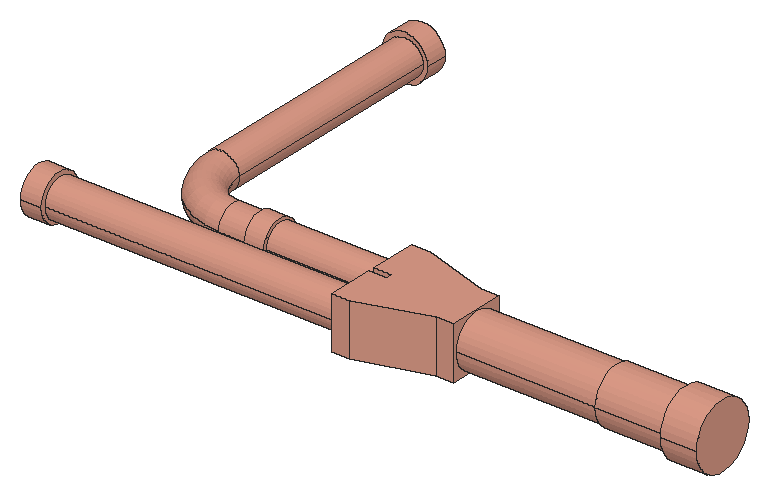
Revit family "outputfile", category 配管付属品, Revit 2024
Family settings
  丸型コネクタ寸法 = 半径を使用
  パーツ タイプ = 標準
  OmniClass 番号 = 23.65.55.00
  OmniClass タイトル = Distribution of Supplied Liquids/Gases
  作業面ベース = いいえ
  常に垂直 = はい
  ロード時にボイドで切り取り = いいえ
  共有 = いいえ
Parameters (values of type "BHFP26R168_(2)")
  Description = ""
  製造元 = "Daikin"
  書き出し IFC クラス(タイプ) = "IfcPipeFittingType"
  Default Elevation = 0.0 mm
  定義済み IFC タイプ(タイプ) = "JUNCTION"
  Cost = 0
  モデル = "BHFP26R168_(2)"
  Type Comments = ""
  Keynote = ""
  Type Image = (empty or 0)
  Assembly Code = ""
  table_PipeToCU_B [instance] = if(mm⇔inch, "Multi Module Kit_BHFP26R-_Gas_PipeToCU_B", "Multi Module Kit_BHFP26R-_Gas_PipeToCU_B_inch")  # "Multi Module Kit_BHFP26R-_Gas_PipeToCU_B"
  table_PipeToCU_A [instance] = if(mm⇔inch, "Multi Module Kit_BHFP26R-_Gas_PipeToCU_A", "Multi Module Kit_BHFP26R-_Gas_PipeToCU_A_inch")  # "Multi Module Kit_BHFP26R-_Gas_PipeToCU_A"
  table_ToMainPipe [instance] = if(mm⇔inch, "Multi Module Kit_BHFP26R-_Gas_ToMainPipe", "Multi Module Kit_BHFP26R-_Gas_ToMainPipe_inch")  # "Multi Module Kit_BHFP26R-_Gas_ToMainPipe"
  switch_PipeToCU_B Reducer [instance] = if(and(Is_PipeToCU_B Reducer = 1, judge_IsOffsetPipe_ToOutdoorUnitB = 0), 1 = 1, 1 = 0)  # no
  switch_PipeToCU_B4 [instance] = if(number_PipeToCU_B < 4, 1 = 0, 1 = 1)  # no
  switch_PipeToCU_B3 [instance] = if(number_PipeToCU_B < 3, 1 = 0, 1 = 1)  # no
  switch_PipeToCU_B2 [instance] = if(number_PipeToCU_B < 2, 1 = 0, 1 = 1)  # no
  switch_PipeToCU_A Reducer [instance] = if(Is_PipeToCU_A Reducer = 1, 1 = 1, 1 = 0)  # yes
  switch_ToMainPipe Reducer [instance] = if(Is_ToMainPipe Reducer = 1, 1 = 1, 1 = 0)  # yes
  switch_ToMainPipe2 [instance] = if(number_ToMainPipe < 2, 1 = 0, 1 = 1)  # yes
  switch_Offset Reducer(4) [instance] = if(and([judge_JointType(1or2)] = 1, Is_PipeToCU_B Reducer = 1, judge_IsOffsetPipe_ToOutdoorUnitB = 1), 1 = 1, 1 = 0)  # no
  switch_Offset Reducer(3) [instance] = if(and([judge_JointType(1or2)] = 2, Is_PipeToCU_B Reducer = 1, judge_IsOffsetPipe_ToOutdoorUnitB = 1), 1 = 1, 1 = 0)  # no
  r_PipeToCU_B_ActualDiameter [instance] = PipeToCU_B_Gas_ActualDiameter / 2  # 14.3 mm
  r_PipeToCU_A_ActualDiameter [instance] = PipeToCU_A_Gas_ActualDiameter / 2  # 14.3 mm
  r_ToMainPipe_ActualDiameter [instance] = ToMainPipe_Gas_ActualDiameter / 2  # 20.65 mm
  number_PipeToCU_B ReducerPipe [instance] = size_lookup(table_PipeToCU_B, "reducerPipeNumber", 0, モデル, judge_IsOffsetPipe_ToOutdoorUnitB, PipeToCU_B_Gas_ActualDiameter)  # 0
  number_PipeToCU_B [instance] = size_lookup(table_PipeToCU_B, "pipeNumber", 2, モデル, judge_IsOffsetPipe_ToOutdoorUnitB, PipeToCU_B_Gas_ActualDiameter)  # 1
  number_PipeToCU_A ReducerPipe [instance] = size_lookup(table_PipeToCU_A, "reducerPipeNumber", 2, モデル, PipeToCU_A_Gas_ActualDiameter)  # 1
  number_ToMainPipe [instance] = size_lookup(table_ToMainPipe, "pipeNumber", 2, モデル, ToMainPipe_Gas_ActualDiameter)  # 2
  mm⇔inch [instance] = yes
  location_PipeToCU_A ReducerCenter [instance] = size_lookup(table_PipeToCU_A, "LocationCenter", 46.5 mm, モデル)  # 58.0 mm
  l_PipeToCU_A Reducer2 [instance] = size_lookup(table_PipeToCU_A, "L_ReducerPipe2", 20.0 mm, モデル)  # 2.0 mm
  l_PipeToCU_A Reducer1 [instance] = size_lookup(table_PipeToCU_A, "L_ReducerPipe1", 36.0 mm, モデル)  # 14.0 mm
  l_PipeToCU_A Reducer0 [instance] = size_lookup(table_PipeToCU_A, "L_ReducerPipe0", 100.0 mm, モデル)  # 193.0 mm
  Unit Type = "BHFP26R-_Gas"
  Uniclass2015Version = "Products v1.31"
  Uniclass2015Title = "Copper pipe fittings"
  Uniclass2015Code = "Pr_65_52_63_18"
  URL = ""
  ToMainPipe_Gas_Status [instance] = size_lookup(table_ToMainPipe, "Information", "The connected pipe size is not available.", モデル, ToMainPipe_Gas_ActualDiameter)  # "Reducer is used at connector."
  ToMainPipe_Gas_ActualDiameter [instance] = 41.3 mm
  Tag No. [instance] = ""
  Series = "Multi Module kit"
  PipeToCU_B_Gas_Status [instance] = size_lookup(table_PipeToCU_B, "Information", "The connected pipe size is not available.", モデル, judge_IsOffsetPipe_ToOutdoorUnitB, PipeToCU_B_Gas_ActualDiameter)  # "Default connector size is used."
  PipeToCU_B_Gas_ActualDiameter [instance] = 28.6 mm
  PipeToCU_A_Gas_Status [instance] = size_lookup(table_PipeToCU_A, "Information", "The connected pipe size is not available.", モデル, PipeToCU_A_Gas_ActualDiameter)  # "Reducer is used at connector."
  PipeToCU_A_Gas_ActualDiameter [instance] = 28.6 mm
  Material_Piping = DAIKIN_Copper_Pipe
  Material_Insulation = DAIKIN_White_Insulation
  location_PipeToCU_B connector [instance] = size_lookup(table_PipeToCU_B, "Locationconnector", 0.0 mm, モデル, judge_IsOffsetPipe_ToOutdoorUnitB, PipeToCU_B_Gas_ActualDiameter)  # 0.0 mm
  location_PipeToCU_A connector [instance] = size_lookup(table_PipeToCU_A, "Locationconnector", 120.0 mm, モデル, PipeToCU_A_Gas_ActualDiameter)  # 146.0 mm
  l_PipeToCU_B connector [instance] = size_lookup(table_PipeToCU_B, "Length", 185.0 mm, モデル, judge_IsOffsetPipe_ToOutdoorUnitB, PipeToCU_B_Gas_ActualDiameter)  # 208.0 mm
  l_PipeToCU_B Reducer [instance] = 100.0 mm  # constant formula
  l_PipeToCU_B4 [instance] = size_lookup(table_PipeToCU_B, "L_Pipe4", 2.0 mm, モデル)  # 2.0 mm
  l_PipeToCU_B3 [instance] = size_lookup(table_PipeToCU_B, "L_Pipe3", 2.0 mm, モデル)  # 2.0 mm
  l_PipeToCU_B2 [instance] = size_lookup(table_PipeToCU_B, "L_Pipe2", 25.0 mm, モデル)  # 2.0 mm
  l_PipeToCU_B1 [instance] = size_lookup(table_PipeToCU_B, "L_Pipe1", 35.0 mm, モデル)  # 14.0 mm
  l_PipeToCU_B0 [instance] = size_lookup(table_PipeToCU_B, "L_Pipe0", 125.0 mm, モデル)  # 194.0 mm
  l_PipeToCU_A connector [instance] = size_lookup(table_PipeToCU_A, "Length", 156.0 mm, モデル, PipeToCU_A_Gas_ActualDiameter)  # 207.0 mm
  l_PipeToCU_A1 [instance] = size_lookup(table_PipeToCU_A, "L_Pipe1", 14.0 mm, モデル)  # 13.0 mm
  l_PipeToCU_A0 [instance] = size_lookup(table_PipeToCU_A, "L_Pipe0", 59.5 mm, モデル)  # 75.0 mm
  l_ToMainPipe connector [instance] = size_lookup(table_ToMainPipe, "Length", 457.0 mm, モデル, ToMainPipe_Gas_ActualDiameter)  # 164.0 mm
  l_ToMainPipe Reducer [instance] = size_lookup(table_ToMainPipe, "L_Reducer", 2.0 mm, モデル, ToMainPipe_Gas_ActualDiameter)  # 2.0 mm
  l_ToMainPipe2 [instance] = size_lookup(table_ToMainPipe, "L_Pipe2", 20.0 mm, モデル)  # 24.0 mm
  l_ToMainPipe1 [instance] = size_lookup(table_ToMainPipe, "L_Pipe1", 40.0 mm, モデル)  # 46.0 mm
  l_ToMainPipe0 [instance] = size_lookup(table_ToMainPipe, "L_Pipe0", 397.0 mm, モデル)  # 94.0 mm
  judge_IsOffsetPipe_ToOutdoorUnitB [instance] = if(OffsetPipe_ToNextCU, 1, 0)  # 0
  judge_JointType(1or2) = 2
  count_PipeToCU_B Reducer [instance] = size_lookup(table_PipeToCU_B, "reducerCount", 0, モデル, judge_IsOffsetPipe_ToOutdoorUnitB, PipeToCU_B_Gas_ActualDiameter)  # 0
  count_PipeToCU_A Reducer [instance] = size_lookup(table_PipeToCU_A, "reducerCount", 1, モデル, PipeToCU_A_Gas_ActualDiameter)  # 1
  angle_PipeToCU_A Pipe [instance] = if(RotateBranchPipetoCU_A_90°, 90.00°, 0.00°)  # 0.00°
  angle_PipeToCU_A Connector [instance] = angle_PipeToCU_A Pipe + 90.00°  # 90.00°
  PipeToCU_B_Gas_AvailableDiameter [instance] = size_lookup(table_PipeToCU_B, "sizeVariation", "", モデル, judge_IsOffsetPipe_ToOutdoorUnitB)  # "28.6mm"
  PipeToCU_A_Gas_AvailableDiameter [instance] = size_lookup(table_PipeToCU_A, "sizeVariation", "", モデル)  # "28.6mm"
  ToMainPipe_Gas_AvailableDiameter [instance] = size_lookup(table_ToMainPipe, "sizeVariation", "", モデル)  # "34.9/41.3mm"
  RotateBranchPipetoCU_A_90° [instance] = no
  OffsetPipe_ToNextCU [instance] = no
  O.D_ToMainPipe Reducer [instance] = size_lookup(table_ToMainPipe, "O.D_reducer", 2.0 mm, モデル, ToMainPipe_Gas_ActualDiameter)  # 2.0 mm
  Link_Nested Family [instance] = ""
  Is_PipeToCU_B Reducer [instance] = size_lookup(table_PipeToCU_B, "IsReducer", 0, モデル, judge_IsOffsetPipe_ToOutdoorUnitB, PipeToCU_B_Gas_ActualDiameter)  # 0
  Is_PipeToCU_A Reducer [instance] = size_lookup(table_PipeToCU_A, "IsReducer", 1, モデル, PipeToCU_A_Gas_ActualDiameter)  # 1
  Is_ToMainPipe Reducer [instance] = size_lookup(table_ToMainPipe, "IsReducer", 0, モデル, ToMainPipe_Gas_ActualDiameter)  # 1
  IfcVersion = ""
  IfcExportType = "JUNCTION"
  IfcExportAs = "IfcPipeFittingType"
  Attach_Insulation [instance] = no
  I.D_PipeToCU_B4 [instance] = size_lookup(table_PipeToCU_B, "I.D_PipeSize4", 2.0 mm, モデル)  # 2.0 mm
  I.D_PipeToCU_B3 [instance] = size_lookup(table_PipeToCU_B, "I.D_PipeSize3", 2.0 mm, モデル)  # 2.0 mm
  I.D_PipeToCU_B2 [instance] = size_lookup(table_PipeToCU_B, "I.D_PipeSize2", 34.9 mm, モデル)  # 2.0 mm
  I.D_PipeToCU_B1 [instance] = size_lookup(table_PipeToCU_B, "I.D_PipeSize1", 28.6 mm, モデル)  # 28.6 mm
  I.D_PipeToCU_B0 [instance] = size_lookup(table_PipeToCU_B, "I.D_PipeSize0", 22.2 mm, モデル)  # 23.4 mm
  I.D_PipeToCU_A1 [instance] = 25.4 mm  # constant formula
  I.D_PipeToCU_A0 [instance] = 22.2 mm  # constant formula
  I.D_ToMainPipe Reducer [instance] = size_lookup(table_ToMainPipe, "I.D_reducer", 2.0 mm, モデル, ToMainPipe_Gas_ActualDiameter)  # 2.0 mm
  I.D_ToMainPipe2 [instance] = size_lookup(table_ToMainPipe, "I.D_PipeSize2", 41.3 mm, モデル)  # 41.3 mm
  I.D_ToMainPipe1 [instance] = size_lookup(table_ToMainPipe, "I.D_PipeSize1", 34.9 mm, モデル)  # 34.9 mm
  I.D_ToMainPipe0 [instance] = size_lookup(table_ToMainPipe, "I.D_PipeSize0", 27.1 mm, モデル)  # 32.9 mm
Reference planes
  plane 1 "Center (Front/Back)": y = 0
  plane 2: z = 0
  plane 3 "Center (Left/Right)": x = 225.65
  plane 4: x = 201.65
  plane 5: x = 155.65
  plane 6: x = 61.65
  plane 7: x = -8.35
  plane 8: x = -96.35
  plane 9: x = -202.35
  plane 10: x = -216.35
  plane 11: x = -218.35
  plane 12: x = -220.35
  plane 13: x = -222.35
  plane 14 "offset_center": y = 17.5
  plane 15: y = -17.491
  plane 16: x = -83.35
  plane 17: x = 103.25
  plane 18 "ToMainPipe_connector": x = 225.65
  plane 19 "connector_OutdoorunitA": x = -154.35
  plane 20 "connectorLocation_TooutdoorUnitB": y = -17.491
  plane 21 "connector_ToOutdoorUnitB": x = -216.35
Forms (mm)
  Extrusion 1, solid, material "DAIKIN_Copper_Pipe" <- "Material_Piping"
    sketch origin (0, 0, 0) x (1, 0, 0) y (0, 1, 0)
      loop
        line (-8.35, 1.998) -> (3.65, 1.998) -> (3.65, -1.998) -> (-8.35, -1.998) -> (-8.35, -33.29) -> (3.65, -33.29) -> (49.65, -19.109) -> (61.65, -19.109) -> (61.65, 18.821) -> (49.65, 18.821) -> (3.65, 33.29) -> (-8.35, 33.29) -> (-8.35, 1.998)
    from -17.5 to 17.5
Dimensions and locks
  locked: Extrusion 1 sketch curve to Extrusion 1 sketch curve at 37.93
  locked: Extrusion 1 sketch curve to Extrusion 1 sketch curve at 66.58
  plane 6 to plane 17 = 41.6 mm
  "l_PipeToCU_A0": plane 16 to plane 7
  "l_PipeToCU_A1": plane 8 to plane 16
  "l_PipeToCU_B0": plane 9 to plane 7
  "l_PipeToCU_B1": plane 10 to plane 9
  "l_PipeToCU_B2": plane 11 to plane 10
  "l_PipeToCU_B3": plane 12 to plane 11
  "l_PipeToCU_B4": plane 13 to plane 12
  locked: plane 7 to plane 6 at 70
  "l_ToMainPipe1": plane 5 to plane 4
  "l_ToMainPipe2": plane 4 to plane 3 "Center (Left/Right)"
  "l_ToMainPipe0": plane 6 to plane 5
  "l_ToMainPipe connector": plane 6 to plane 18 "ToMainPipe_connector"
  "location_PipeToCU_A connector": plane 19 "connector_OutdoorunitA" to plane 7
  "l_PipeToCU_B connector": plane 21 "connector_ToOutdoorUnitB" to plane 7
  "location_PipeToCU_B connector": plane 20 "connectorLocation_TooutdoorUnitB" to plane 15
  plane 14 "offset_center" to plane 1 "Center (Front/Back)" to plane 15 = 17.5 mm locked, 17.491 mm locked
  plane 10 to plane 7 = 208.0 mm
  aligned and locked: level to plane 2
  aligned and locked: plane 2 to nested 1
  aligned and locked: plane 1 "Center (Front/Back)" to nested 1
  aligned and locked: plane 3 "Center (Left/Right)" to nested 1
  aligned and locked: plane 4 to nested 1
  aligned and locked: plane 4 to nested 2
  aligned and locked: plane 5 to nested 2
  aligned and locked: plane 5 to nested 3
  aligned and locked: plane 6 to nested 3
  aligned and locked: plane 6 to Extrusion 1
  aligned and locked: Extrusion 1 to plane 7  (x2)
  aligned and locked: plane 7 to nested 4
  aligned and locked: plane 8 to nested 5
  aligned and locked: plane 16 to nested 5
  aligned and locked: nested 5 to plane 14 "offset_center"
  aligned and locked: nested 6 to plane 15
  aligned and locked: plane 7 to nested 6
  aligned and locked: plane 9 to nested 6
  aligned and locked: plane 10 to nested 7
  aligned and locked: plane 9 to nested 7
  aligned and locked: plane 11 to nested 8
  aligned and locked: plane 10 to nested 8
  aligned and locked: plane 12 to nested 9
  aligned and locked: plane 11 to nested 9
  aligned and locked: plane 13 to nested 10
  aligned and locked: plane 12 to nested 10
  aligned and locked: nested 10 to plane 15
  aligned and locked: nested 9 to plane 15
  aligned and locked: nested 8 to plane 15
  aligned and locked: nested 7 to plane 15
  aligned and locked: plane 1 "Center (Front/Back)" to nested 11
  aligned and locked: plane 17 to nested 11
  aligned and locked: plane 16 to nested 4
  aligned and locked: nested 12 to plane 14 "offset_center"
  aligned and locked: plane 8 to nested 12
  aligned and locked: nested 13 to plane 15
  aligned and locked: nested 14 to plane 15
  aligned and locked: plane 6 to nested 15
  aligned and locked: plane 1 "Center (Front/Back)" to nested 3
  aligned and locked: plane 14 "offset_center" to nested 16
  aligned and locked: nested 16 to plane 19 "connector_OutdoorunitA"
  aligned and locked: plane 20 "connectorLocation_TooutdoorUnitB" to nested 17
  aligned and locked: nested 17 to plane 7
  aligned and locked: nested 13 to plane 10
  aligned and locked: nested 14 to plane 10
Automatic sketch dimensions
  Extrusion 1 sketch curve to plane 7 = 0.0 mm  (x2)
  Extrusion 1 sketch curve to plane 6 = 0.0 mm
  Extrusion 1 sketch curve to Extrusion 1 sketch curve = 12.0 mm  (x3)
  Extrusion 1 sketch curve to plane 1 "Center (Front/Back)" = 1.998 mm
  plane 14 "offset_center" to Extrusion 1 sketch curve = 1.321 mm
  Extrusion 1 sketch curve to plane 6 = 12.0 mm  (x2)
  Extrusion 1 sketch curve to plane 15 = 15.799 mm
  plane 1 "Center (Front/Back)" to Extrusion 1 sketch curve = 1.998 mm
Nested families
  nested 1: "daikin_Pipe" at (213.65, 0, 0), I.D_Pipe <- "I.D_ToMainPipe2", display <- "switch_ToMainPipe2", type "*"
    with length_Pipe 24.0 mm, display yes, O.D_Pipe 43.3 mm, I.D_Pipe 41.3 mm
  nested 2: "daikin_Pipe" at (178.65, 0, 0), I.D_Pipe <- "I.D_ToMainPipe1", type "*"
    with length_Pipe 46.0 mm, display yes, O.D_Pipe 36.9 mm, I.D_Pipe 34.9 mm
  nested 3: "daikin_Pipe" at (108.65, 0, 0), I.D_Pipe <- "I.D_ToMainPipe0", type "*"
    with length_Pipe 94.0 mm, display yes, O.D_Pipe 34.9 mm, I.D_Pipe 32.9 mm
  nested 4: "daikin_Pipe" at (-45.85, 17.644, 0), I.D_Pipe <- "I.D_PipeToCU_A0", type "*"
    with length_Pipe 75.0 mm, display yes, O.D_Pipe 24.2 mm, I.D_Pipe 22.2 mm
  nested 5: "daikin_Pipe" at (-89.85, 17.5, 0), I.D_Pipe <- "I.D_PipeToCU_A1", type "*"
    with length_Pipe 13.0 mm, display yes, O.D_Pipe 27.4 mm, I.D_Pipe 25.4 mm
  nested 6: "daikin_Pipe" at (-105.35, -17.491, 0), I.D_Pipe <- "I.D_PipeToCU_B0", type "*"
    with length_Pipe 194.0 mm, display yes, O.D_Pipe 25.4 mm, I.D_Pipe 23.4 mm
  nested 7: "daikin_Pipe" at (-209.35, -17.491, 0), I.D_Pipe <- "I.D_PipeToCU_B1", type "*"
    with length_Pipe 14.0 mm, display yes, O.D_Pipe 30.6 mm, I.D_Pipe 28.6 mm
  nested 8: "daikin_Pipe" at (-217.35, -17.491, 0), I.D_Pipe <- "I.D_PipeToCU_B2", display <- "switch_PipeToCU_B2", type "*"
    with length_Pipe 2.0 mm, display no, O.D_Pipe 4.0 mm, I.D_Pipe 2.0 mm
  nested 9: "daikin_Pipe" at (-219.35, -17.491, 0), display <- "switch_PipeToCU_B3", I.D_Pipe <- "I.D_PipeToCU_B3", visible <- "switch_PipeToCU_B3", type "*"
    with length_Pipe 2.0 mm, display no, O.D_Pipe 4.0 mm, I.D_Pipe 2.0 mm
  nested 10: "daikin_Pipe" at (-221.35, -17.491, 0), display <- "switch_PipeToCU_B4", I.D_Pipe <- "I.D_PipeToCU_B4", visible <- "switch_PipeToCU_B4", type "*"
    with length_Pipe 2.0 mm, display no, O.D_Pipe 4.0 mm, I.D_Pipe 2.0 mm
  nested 11: "daikin_MultiModeluKit_Insulation" at (103.25, 0, 0), display <- "Attach_Insulation", type "*"
    with h 54.2 mm, display no, I.D_Outlet PipeSize 22.2 mm
  nested 12: "daikin_Multi Module kit_Reducer90_rotate" at (-96.35, 17.5, 0), number_reducerPipe <- "number_PipeToCU_A ReducerPipe", angle_Pipe <- "angle_PipeToCU_A Pipe", l_Pipe0 <- "l_PipeToCU_A Reducer0", l_Pipe1 <- "l_PipeToCU_A Reducer1", l_Pipe2 <- "l_PipeToCU_A Reducer2", location_center <- "location_PipeToCU_A ReducerCenter", type "*"
    with number_reducerPipe 1, location_center 58.0 mm, l_Pipe2 2.0 mm, l_Pipe1 14.0 mm, l_Pipe0 193.0 mm, display_Pipe2 no, angle_Pipe 0.00°, I.D_connector 19.1 mm
  nested 13: "daikin_Multi Module kit_Reducer Offset1" at (-216.35, -17.491, 0), number_reducerPipe <- "number_PipeToCU_B ReducerPipe", visible <- "switch_Offset Reducer(3)", type "*"
    with number_reducerPipe 0, display_Pipe2 no
  nested 14: "daikin_Multi Module kit_Reducer Offset2" at (-216.35, -17.491, 0), number_reducerPipe <- "number_PipeToCU_B ReducerPipe", visible <- "switch_Offset Reducer(4)", I.D_connector <- "PipeToCU_B_Gas_ActualDiameter", type "*"
    with number_reducerPipe 0, display_Pipe2 no, I.D_connector 28.6 mm
  nested 15: "daikin_connector_rotate3" at (61.65, 0, 0) x (0, 1, 0) z (0, 0, 1), length <- "l_ToMainPipe connector", type "daikin_connector_rotate3"
    with radius 10.0 mm, length 164.0 mm, angle_vertical 90.00°, angle_horizontal 0.00°
  nested 16: "daikin_connector_rotate3" at (-154.35, 17.5, 0) x (-1, 0, 0) z (0, 0, 1), length <- "l_PipeToCU_A connector", angle_vertical <- "angle_PipeToCU_A Connector", type "daikin_connector_rotate3"
    with radius 10.0 mm, length 207.0 mm, angle_vertical 90.00°, angle_horizontal 0.00°
  nested 17: "daikin_connector_rotate3" at (-8.35, -17.491, 0) x (0, -1, 0) z (0, 0, 1), length <- "l_PipeToCU_B connector", type "daikin_connector_rotate3"
    with radius 10.0 mm, length 208.0 mm, angle_vertical 90.00°, angle_horizontal 0.00°
Connectors
  piping at (225.65, 0, 0), diameter 41.3, driven by "r_ToMainPipe_ActualDiameter"
    settings: on nested 15, index 1, connector inside diameter 609.6 mm, connector length 0.0 mm, flow factor 0, pipe flow 0.00 m³/h, pressure drop 0.0 Pa, fitting loss kfactor 0, connector angle 0.00°, fixture units 0, engagement length 0.0 mm, angle of deflection 0.00°, flow configuration 0, flow direction 1, fitting loss method 0, system type 29, joint type 0, gender type 0, connector reference index -1, connector utility 0, adjustable connector no, is connector primary yes, connector description "Multi Module kit_to Main Pipe_Gas"
  piping at (-154.35, 224.5, 0), diameter 28.6, driven by "r_PipeToCU_A_ActualDiameter"
    settings: on nested 16, index 2, connector inside diameter 609.6 mm, connector length 0.0 mm, flow factor 0, pipe flow 0.00 m³/h, pressure drop 0.0 Pa, fitting loss kfactor 0, connector angle 0.00°, fixture units 0, engagement length 0.0 mm, angle of deflection 0.00°, flow configuration 0, flow direction 2, fitting loss method 0, system type 29, joint type 0, gender type 0, connector reference index -1, connector utility 0, adjustable connector no, is connector primary no, connector description "Multi Module kit_Piping to CU-A_Gas"
  piping at (-216.35, -17.491, 0), diameter 28.6, driven by "r_PipeToCU_B_ActualDiameter"
    settings: on nested 17, index 3, connector inside diameter 609.6 mm, connector length 0.0 mm, flow factor 0, pipe flow 0.00 m³/h, pressure drop 0.0 Pa, fitting loss kfactor 0, connector angle 0.00°, fixture units 0, engagement length 0.0 mm, angle of deflection 0.00°, flow configuration 0, flow direction 2, fitting loss method 0, system type 29, joint type 0, gender type 0, connector reference index -1, connector utility 0, adjustable connector no, is connector primary no, connector description "Multi Module kit_Piping to CU-B_Gas"
Definition of nested family "daikin_Pipe"
  Parameters (values of type "*")
    Default Elevation = 0.0 mm
    material = none
    length_Pipe [instance] = 150.0 mm
    display [instance] = yes
    O.D_Pipe [instance] = I.D_Pipe + 2.0 mm  # 27.0 mm
    I.D_Pipe [instance] = 25.0 mm
  Reference planes
    plane 1 "Center (Front/Back)": y = 0
    plane 2 "center(vertical)": z = 0
    plane 3 "Center (Left/Right)": x = 0
    plane 4 "left": x = -75
    plane 5 "right": x = 75
  Forms (mm)
    Extrusion 1, solid, material <- "material", visible <- "display"
      sketch origin (0, 0, 0) x (0, 1, 0) y (0, 0, 1)
        loop
          circle (0, 0) r 13.5
      from -75 to 75
  Dimensions and locks
    equal spacing: plane 4 "left", plane 3 "Center (Left/Right)", plane 5 "right"
    "length_Pipe": plane 4 "left" to plane 5 "right"
    "O.D_Pipe": diameter of Extrusion 1 sketch curve
    aligned and locked: level to plane 2 "center(vertical)"
    aligned and locked: plane 2 "center(vertical)" to Extrusion 1 sketch curve
    aligned and locked: plane 1 "Center (Front/Back)" to Extrusion 1 sketch curve
    aligned and locked: plane 5 "right" to Extrusion 1
    aligned and locked: Extrusion 1 to plane 4 "left"
Definition of nested family "daikin_Multi Module kit_Reducer90_rotate"
  Parameters (values of type "*")
    Default Elevation = 0.0 mm
    number_reducerPipe [instance] = 4
    material_Pipe = none
    location_center [instance] = 46.5 mm
    l_Pipe2 [instance] = 20.0 mm
    l_Pipe1 [instance] = 36.0 mm
    l_Pipe0 [instance] = 100.0 mm
    display_Pipe2 [instance] = if(number_reducerPipe < 2, 1 = 0, 1 = 1)  # yes
    angle_Pipe [instance] = 30.00°
    I.D_connector [instance] = 34.9 mm
  Reference planes
    plane 1 "Center (Front/Back)": y = 0
    plane 2: z = 0
    plane 3 "Center (Left/Right)": x = 0
  Dimensions and locks
    "angle_Pipe": angle plane 2 to nested 1
    aligned and locked: level to plane 2
  Nested families
    nested 1: "daikin_Multi Module kit_Reducer90" at (0, 0, 0) x (1, 0, 0) z (0, -0.5, 0.866), display_Pipe2 <- "display_Pipe2", I.D_connector <- "I.D_connector", l_Pipe0 <- "l_Pipe0", l_Pipe1 <- "l_Pipe1", l_Pipe2 <- "l_Pipe2", location_center <- "location_center", type "*"
      with display_Pipe2 yes, I.D_connector 34.9 mm
  Definition of nested family "daikin_Multi Module kit_Reducer90"
    Parameters (values of type "*")
      Default Elevation = 0.0 mm
      material_Pipe = none
      location_center [instance] = 46.5 mm
      l_Pipe2 [instance] = 20.0 mm
      l_Pipe1 [instance] = 36.0 mm
      l_Pipe0 [instance] = 100.0 mm
      display_Pipe2 [instance] = yes
      O.D_Pipe2 = 34.9 mm  # constant formula
      O.D_Pipe1 = 28.6 mm + 2.0 mm  # 30.6 mm
      O.D_Pipe0 = 23.8 mm  # constant formula
      I.D_connector [instance] = 0.0 mm
    Reference planes
      plane 1 "Center (Front/Back)": y = 0
      plane 2 "center_vertical": z = 0
      plane 3 "Center (Left/Right)": x = 0
      plane 4 "center_toOutdoor": x = -46.5
      plane 5: y = 100
      plane 6: y = 136
      plane 7: y = 156
    Forms (mm)
      Sweep 1, solid, material <- "material_Pipe"
        path origin (0, 0, 0) x (1, 0, 0) y (0, 1, 0)
          loop
            line (0, 0) -> (-18.241, 0)
            arc (-18.241, 0) -> (-38.223, 8.277) -> (-46.5, 28.259) r 28.259
            line (-46.5, 28.259) -> (-46.5, 100)
        profile origin (-9.12, 0, 0) x (0, -1, 0) y (0, 0, 1)
          loop
            circle (0, 0) r 11.9
      Extrusion 2, solid, material <- "material_Pipe"
        sketch origin (0, 0, 0) x (1, 0, 0) y (0, 0, 1)
          loop
            circle (-46.5, 0) r 15.3
        from -136 to -100
      Extrusion 3, solid, material <- "material_Pipe", visible <- "display_Pipe2"
        sketch origin (75, -2.05, 0) x (1, 0, 0) y (0, 0, 1)
          loop
            circle (-121.5, 0) r 17.45
        from -158.05 to -138.05
    Lines and regions (mm)
      reference lines
        curve 1: line (0, 0, 0) -> (-46.5, 0, 0)
    Dimensions and locks
      "l_Pipe0": plane 1 "Center (Front/Back)" to plane 5
      "l_Pipe1": plane 6 to plane 5
      "l_Pipe2": plane 7 to plane 6
      "location_center": plane 4 "center_toOutdoor" to plane 3 "Center (Left/Right)"
      "O.D_Pipe2": diameter of Extrusion 3 sketch curve
      "O.D_Pipe0": diameter of Sweep 1 sketch curve
      "O.D_Pipe1": diameter of Extrusion 2 sketch curve
      aligned and locked: level to plane 2 "center_vertical"
      aligned and locked: plane 6 to Extrusion 2
      aligned and locked: Extrusion 2 to plane 5
      aligned and locked: Extrusion 3 to plane 6
      aligned and locked: Sweep 1 sketch curve to plane 1 "Center (Front/Back)"
      aligned and locked: plane 3 "Center (Left/Right)" to curve 1
      aligned and locked: curve 1 to plane 1 "Center (Front/Back)"
      aligned and locked: plane 7 to Extrusion 3
    Automatic sketch dimensions
      Sweep 1 sketch curve to plane 4 "center_toOutdoor" = 0.0 mm
      Sweep 1 sketch curve to plane 3 "Center (Left/Right)" = 0.0 mm
      Sweep 1 sketch curve to plane 5 = 0.0 mm
      Sweep 1 sketch curve to plane 3 "Center (Left/Right)" = 18.241 mm
      curve 1 to plane 4 "center_toOutdoor" = 0.0 mm
      Sweep 1 sketch curve to level = 0.0 mm
      Sweep 1 sketch curve to profile plane = 0.0 mm
      Extrusion 2 sketch curve to level = 0.0 mm
      Extrusion 2 sketch curve to plane 4 "center_toOutdoor" = 0.0 mm
      Extrusion 3 sketch curve to level = 0.0 mm
      Extrusion 3 sketch curve to plane 4 "center_toOutdoor" = 0.0 mm
Definition of nested family "daikin_Multi Module kit_Reducer Offset1"
  Parameters (values of type "*")
    Default Elevation = 0.0 mm
    number_reducerPipe [instance] = 4
    material = none
    display_Pipe2 [instance] = if(number_reducerPipe < 2, 1 = 0, 1 = 1)  # yes
    O.D_Pipe2 = 34.9 mm + 2.0 mm  # 36.9 mm
    O.D_Pipe1 = 28.6 mm + 2.0 mm  # 30.6 mm
    O.D_Pipe0 = 28.6 mm  # constant formula
  Reference planes
    plane 1 "Center (Front/Back)": y = 0
    plane 2: z = 0
    plane 3 "Center (Left/Right)": x = 0
    plane 4: y = -35
    plane 5: x = -252
    plane 6: x = -300
    plane 7: x = -310
  Forms (mm)
    Extrusion 1, solid, material <- "material"
      sketch origin (-56.734, 401.522, 0) x (0, 1, 0) y (0, 0, 1)
        loop
          circle (-436.522, 0) r 15.3
      from -243.266 to -195.266
    Sweep 2, solid, material <- "material"
      path origin (0, 0, 0) x (1, 0, 0) y (0, 1, 0)
        loop
          line (0, 0) -> (-49.684, 0)
          arc (-49.684, 0) -> (-59.87, -1.319) -> (-69.384, -5.188) r 40
          line (-69.384, -5.188) -> (-112.9, -29.812)
          arc (-112.9, -29.812) -> (-122.414, -33.681) -> (-132.6, -35) r 40
          line (-132.6, -35) -> (-252, -35)
      profile origin (-24.842, 0, 0) x (0, -1, 0) y (0, 0, 1)
        loop
          circle (0, 0) r 14.3
    Extrusion 3, solid, material <- "material", visible <- "display_Pipe2"
      sketch origin (-94.334, 366.344, 0) x (0, 1, 0) y (0, 0, 1)
        loop
          circle (-401.344, 0) r 18.45
      from -215.666 to -205.666
  Dimensions and locks
    locked: plane 4 to plane 1 "Center (Front/Back)" at 35
    locked: plane 6 to plane 5 at 48
    locked: plane 7 to plane 6 at 10
    plane 5 to plane 3 "Center (Left/Right)" = 252.0 mm
    locked: Sweep 2 sketch curve to plane 3 "Center (Left/Right)" at 49.684
    plane 7 to plane 3 "Center (Left/Right)" = 310.0 mm
    "O.D_Pipe1": diameter of Extrusion 1 sketch curve
    "O.D_Pipe0": diameter of Sweep 2 sketch curve
    "O.D_Pipe2": diameter of Extrusion 3 sketch curve
    aligned and locked: level to plane 2
    aligned and locked: plane 5 to Sweep 2 sketch curve
    aligned and locked: plane 3 "Center (Left/Right)" to Sweep 2 sketch curve
    aligned and locked: plane 2 to Sweep 2 sketch curve
    aligned and locked: plane 1 "Center (Front/Back)" to Sweep 2 sketch curve
    aligned and locked: plane 5 to Extrusion 1
    aligned and locked: Extrusion 1 to plane 6
    aligned and locked: plane 4 to Extrusion 1 sketch curve
    aligned and locked: plane 2 to Extrusion 1 sketch curve
    aligned and locked: plane 4 to Extrusion 3 sketch curve
    aligned and locked: plane 2 to Extrusion 3 sketch curve
    aligned and locked: plane 6 to Extrusion 3
    aligned and locked: Extrusion 3 to plane 7
  Automatic sketch dimensions
    Sweep 2 sketch curve to plane 4 = 0.0 mm
    plane 1 "Center (Front/Back)" to Sweep 2 sketch curve = 0.0 mm
    Sweep 2 sketch curve to plane 1 "Center (Front/Back)" = 5.0 mm
    plane 4 to Sweep 2 sketch curve = 5.188 mm
    plane 1 "Center (Front/Back)" to Sweep 2 sketch curve = 5.188 mm
    Sweep 2 sketch curve to Sweep 2 sketch curve = 43.516 mm
    Sweep 2 sketch curve to plane 4 = 5.0 mm
Definition of nested family "daikin_Multi Module kit_Reducer Offset2"
  Parameters (values of type "*")
    Default Elevation = 0.0 mm
    number_reducerPipe [instance] = 2
    material = none
    display_Pipe2 [instance] = if(number_reducerPipe < 2, 1 = 0, 1 = 1)  # yes
    O.D_Pipe2 = 41.3 mm + 2.0 mm  # 43.3 mm
    O.D_Pipe1 = 34.9 mm + 2.0 mm  # 36.9 mm
    O.D_Pipe0 = 34.9 mm  # constant formula
    I.D_connector [instance] = 0.0 mm
  Reference planes
    plane 1 "Center (Front/Back)": y = 0
    plane 2: z = 0
    plane 3 "Center (Left/Right)": x = 0
    plane 4: y = -17.5
    plane 5: x = -242
    plane 6: x = -278
    plane 7: x = -305
  Forms (mm)
    Extrusion 1, solid, material <- "material"
      sketch origin (-56.734, 401.522, 0) x (0, 1, 0) y (0, 0, 1)
        loop
          circle (-419.022, 0) r 18.45
      from -221.266 to -185.266
    Sweep 2, solid, material <- "material"
      path origin (0, 0, 0) x (1, 0, 0) y (0, 1, 0)
        loop
          line (0, 0) -> (-69.833, 0)
          arc (-69.833, 0) -> (-78.931, -0.596) -> (-87.873, -2.375) r 69.7
          line (-87.873, -2.375) -> (-136.432, -15.192)
          arc (-136.432, -15.192) -> (-145.252, -16.921) -> (-154.22, -17.5) r 69.7
          line (-154.22, -17.5) -> (-242, -17.5)
      profile origin (-34.916, 0, 0) x (0, -1, 0) y (0, 0, 1)
        loop
          circle (0, 0) r 17.45
    Extrusion 3, solid, material <- "material", visible <- "display_Pipe2"
      sketch origin (-94.334, 366.344, 0) x (0, 1, 0) y (0, 0, 1)
        loop
          circle (-383.844, 0) r 21.65
      from -210.666 to -183.666
  Dimensions and locks
    plane 4 to plane 1 "Center (Front/Back)" = 17.5 mm
    locked: plane 6 to plane 5 at 36
    locked: plane 7 to plane 6 at 27
    plane 7 to plane 3 "Center (Left/Right)" = 305.0 mm
    locked: Sweep 2 sketch curve to plane 3 "Center (Left/Right)" at 69.833
    locked: plane 5 to plane 3 "Center (Left/Right)" at 242
    Sweep 2 sketch curve to Sweep 2 sketch curve = 50.223 mm
    "O.D_Pipe1": diameter of Extrusion 1 sketch curve
    "O.D_Pipe0": diameter of Sweep 2 sketch curve
    "O.D_Pipe2": diameter of Extrusion 3 sketch curve
    angle Sweep 2 sketch curve to Sweep 2 sketch curve = 14.7857°
    locked: Sweep 2 sketch curve to Sweep 2 sketch curve (angle 15.00°)
    aligned and locked: level to plane 2
    aligned and locked: plane 5 to Sweep 2 sketch curve
    aligned and locked: plane 3 "Center (Left/Right)" to Sweep 2 sketch curve
    aligned and locked: plane 2 to Sweep 2 sketch curve
    aligned and locked: plane 1 "Center (Front/Back)" to Sweep 2 sketch curve
    aligned and locked: plane 5 to Extrusion 1
    aligned and locked: Extrusion 1 to plane 6
    aligned and locked: plane 4 to Extrusion 1 sketch curve
    aligned and locked: plane 2 to Extrusion 1 sketch curve
    aligned and locked: plane 4 to Extrusion 3 sketch curve
    aligned and locked: plane 2 to Extrusion 3 sketch curve
    aligned and locked: plane 6 to Extrusion 3
    aligned and locked: Extrusion 3 to plane 7
    aligned and locked: nested 1 to plane 6
    aligned and locked: plane 4 to nested 1
    aligned and locked: plane 2 to nested 2
    aligned and locked: plane 2 to nested 1
    aligned and locked: nested 2 to plane 6
    aligned and locked: plane 4 to nested 2
    aligned and locked: plane 4 to Sweep 2 sketch curve
  Automatic sketch dimensions
    plane 1 "Center (Front/Back)" to Sweep 2 sketch curve = 0.0 mm
    plane 1 "Center (Front/Back)" to Sweep 2 sketch curve = 2.375 mm
    plane 4 to Sweep 2 sketch curve = 2.308 mm
  Nested families
    nested 1: "daikin_Pipe_reducer" at (-312.75, -17.5, 0) x (-1, 0, 0) z (0, 0, 1), type "*"
      with length_Pipe 69.5 mm, display no, O.D_Pipe2 31.8 mm, O.D_Pipe1 36.9 mm, I.D_Pipe2 29.8 mm, I.D_Pipe1 34.9 mm
    nested 2: "daikin_Pipe_reducer" at (-302.75, -17.5, 0) x (-1, 0, 0) z (0, 0, 1), type "*"
      with length_Pipe 49.5 mm, display no, O.D_Pipe2 31.8 mm, O.D_Pipe1 43.3 mm, I.D_Pipe2 29.8 mm, I.D_Pipe1 41.3 mm
  Definition of nested family "daikin_Pipe_reducer"
    Parameters (values of type "*")
      Default Elevation = 0.0 mm
      material = none
      length_Pipe [instance] = 250.0 mm
      display [instance] = yes
      O.D_Pipe2 [instance] = 19.1 mm
      O.D_Pipe1 [instance] = I.D_Pipe1 + 2.0 mm  # 24.2 mm
      I.D_Pipe2 [instance] = O.D_Pipe2 - 2.0 mm  # 17.1 mm
      I.D_Pipe1 [instance] = 22.2 mm
    Reference planes
      plane 1 "Center (Front/Back)": y = 0
      plane 2 "center(vertical)": z = 0
      plane 3 "Center (Left/Right)": x = 0
      plane 4 "connection": x = -125
      plane 5 "right": x = 113
      plane 6: x = 125
    Forms (mm)
      Extrusion 1, solid, material <- "material", visible <- "display"
        sketch origin (0, 0, 0) x (0, 1, 0) y (0, 0, 1)
          loop
            circle (0, 0) r 9.55
        from -125 to 113
      Extrusion 2, solid, material <- "material", visible <- "display"
        sketch origin (0, 0, 0) x (0, 1, 0) y (0, 0, 1)
          loop
            circle (0, 0) r 12.1
        from 113 to 125
    Dimensions and locks
      locked: plane 5 "right" to plane 6 at 12
      "length_Pipe": plane 4 "connection" to plane 6
      equal spacing: plane 4 "connection", plane 3 "Center (Left/Right)", plane 6
      "O.D_Pipe2": diameter of Extrusion 1 sketch curve
      "O.D_Pipe1": diameter of Extrusion 2 sketch curve
      aligned and locked: level to plane 2 "center(vertical)"
      aligned and locked: plane 2 "center(vertical)" to Extrusion 1 sketch curve
      aligned and locked: plane 1 "Center (Front/Back)" to Extrusion 1 sketch curve
      aligned and locked: plane 5 "right" to Extrusion 1
      aligned and locked: Extrusion 1 to plane 4 "connection"
      aligned and locked: plane 2 "center(vertical)" to Extrusion 2 sketch curve
      aligned and locked: plane 1 "Center (Front/Back)" to Extrusion 2 sketch curve
      aligned and locked: Extrusion 2 to plane 5 "right"
      aligned and locked: plane 6 to Extrusion 2
Definition of nested family "daikin_MultiModeluKit_Insulation"
  Parameters (values of type "*")
    Default Elevation = 0.0 mm
    Model = ""
    material = none
    h [instance] = (I.D_Outlet PipeSize + 2.0 mm) + 30.0 mm  # 47.0 mm
    display [instance] = yes
    I.D_Outlet PipeSize [instance] = 15.0 mm
  Reference planes
    plane 1 "Center (Front/Back)": y = 0
    plane 2: z = 0
    plane 3 "Left": x = 0
    plane 4 "top": z = 23.5
    plane 5 "bottom": z = -23.5
  Forms (mm)
    Extrusion 1, solid, material <- "material", visible <- "display"
      sketch origin (0, 0, 0) x (1, 0, 0) y (0, 1, 0)
        loop
          line (0, -27.7) -> (0, 27.7) -> (-101.24, 40.131) -> (-170, 40.131) -> (-170, 6.369) -> (-266.24, 6.369) -> (-266.24, -40.131) -> (-101.24, -40.131) -> (0, -27.7)
      from -23.5 to 23.5
  Dimensions and locks
    equal spacing: plane 4 "top", plane 2, plane 5 "bottom"
    "h": plane 4 "top" to plane 5 "bottom"
    Extrusion 1 sketch curve to plane 3 "Left" = 101.24 mm
    aligned and locked: level to plane 2
    aligned and locked: plane 3 "Left" to Extrusion 1
    aligned and locked: Extrusion 1 to plane 5 "bottom"
    aligned and locked: plane 4 "top" to Extrusion 1
  Automatic sketch dimensions
    Extrusion 1 sketch curve to plane 3 "Left" = 0.0 mm
    plane 1 "Center (Front/Back)" to Extrusion 1 sketch curve = 40.131 mm
    Extrusion 1 sketch curve to Extrusion 1 sketch curve = 0.0 mm
    Extrusion 1 sketch curve to Extrusion 1 sketch curve = 68.76 mm
    Extrusion 1 sketch curve to plane 1 "Center (Front/Back)" = 6.369 mm
    Extrusion 1 sketch curve to Extrusion 1 sketch curve = 96.24 mm
    plane 1 "Center (Front/Back)" to Extrusion 1 sketch curve = 27.7 mm
    Extrusion 1 sketch curve to plane 1 "Center (Front/Back)" = 27.7 mm
    Extrusion 1 sketch curve to Extrusion 1 sketch curve = 33.761 mm
Definition of nested family "daikin_connector_rotate3"
  Parameters (values of type "daikin_connector_rotate3")
    Default Elevation = 1219.2 mm
    show_face = no
    show_circle = no
    radius [instance] = 10.0 mm
    length [instance] = 600.0 mm
    angle_horizontal [instance] = 60.00°
    angle_vertical [instance] = 90.00°
  Reference planes
    plane 1 "Center (Front/Back)": y = 0
    plane 2: z = 0
    plane 3 "Center (Left/Right)": x = 0
  Dimensions and locks
    "angle_horizontal": angle plane 3 "Center (Left/Right)" to nested 1
    aligned and locked: level to plane 2
    aligned and locked: plane 1 "Center (Front/Back)" to nested 1  (x2)
    aligned and locked: plane 3 "Center (Left/Right)" to nested 1
  Nested families
    nested 1: "daikin_connector_rotate2" at (0, 0, 0) x (0.5, 0.866, 0) z (0, 0, 1), angle_vertical <- "angle_vertical", length <- "length", radius <- "radius", type "daikin_connector_rotate2"
      with radius 10.0 mm, length 600.0 mm, angle_vertical 90.00°, Default Elevation 0.0 mm, show_circle no
  Definition of nested family "daikin_connector_rotate2"
    Parameters (values of type "daikin_connector_rotate2")
      Default Elevation = 1219.2 mm
      show_face = no
      show_circle = yes
      radius [instance] = 10.0 mm
      length [instance] = 600.0 mm
      d_surface = 10.0 mm
      angle_vertical [instance] = 90.00°
    Reference planes
      plane 1 "Center (Front/Back)": y = 0
      plane 2: z = 0
      plane 3 "Center (Left/Right)": x = 0
    Forms (mm)
      Extrusion 1, solid, visible <- "show_face"
        sketch origin (0, -600, 0) x (1, 0, 0) y (0, 0, 1)
          loop
            circle (0, 0) r 10
        from 0 to -10
    Lines and regions (mm)
      reference lines
        curve 1: line (0, 0, 0) -> (0, -600, 0)
      symbolic lines, visible <- "show_circle"
        curve 2: circle (0, 0, 0) r 5 normal (0, 0, 1)
      model lines, visible <- "show_face"
        curve 3: line (0, 0, 0) -> (0, -600, 0)
    Dimensions and locks
      "length": curve 1 to curve 1
      "length": curve 3 to curve 3
      "d_surface": Extrusion 1 to Extrusion 1
      "radius": radius of Extrusion 1 sketch curve
      "angle_vertical": angle curve 1 to plane 1 "Center (Front/Back)"
      "angle_vertical": angle curve 3 to plane 1 "Center (Front/Back)"
      aligned and locked: level to plane 2
      aligned and locked: plane 1 "Center (Front/Back)" to curve 1
      aligned and locked: plane 2 to curve 1
      aligned and locked: plane 1 "Center (Front/Back)" to curve 2
      aligned and locked: plane 3 "Center (Left/Right)" to curve 2
      aligned and locked: plane 1 "Center (Front/Back)" to curve 3
      aligned and locked: plane 2 to curve 3
      aligned and locked: Extrusion 1 to Extrusion 1
    Automatic sketch dimensions
      Extrusion 1 sketch curve to level = 0.0 mm
      Extrusion 1 sketch curve to plane 3 "Center (Left/Right)" = 0.0 mm
      radius of curve 2 = 5.0 mm
